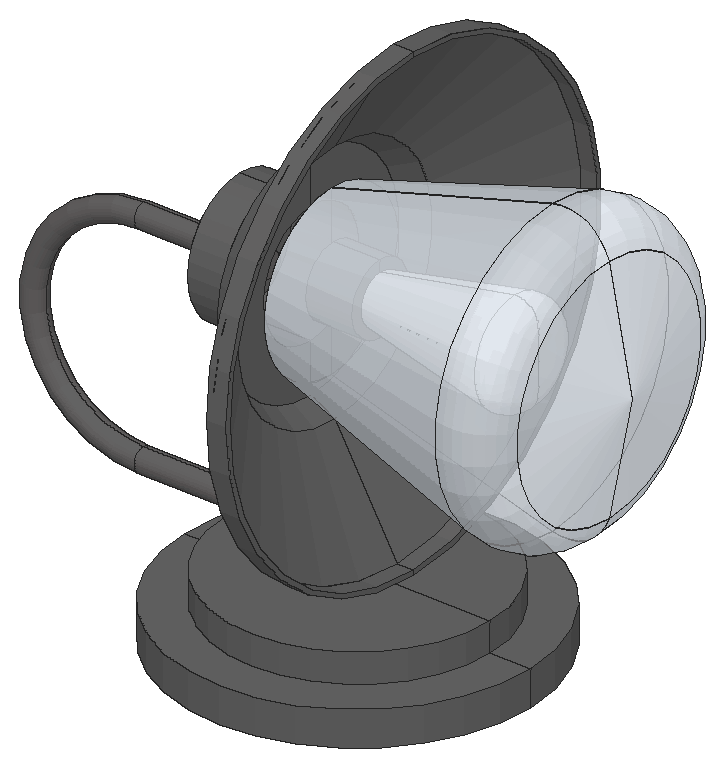
Revit family "P560263-031", category Lighting Fixtures, host Face, Revit 2021
Family settings
  Host = Face
  Round Connector Dimension = Use Diameter
  Part Type = Normal
  OmniClass Number = 23.80.70.11.14.11
  OmniClass Title = Downlights
  Cut with Voids When Loaded = No
  Light Source = Yes
  Shared = No
  Room Calculation Point = No
Parameters (values of type "P560263-031")
  Wattage Comments = "60W"
  Wattage = 100 W
  Warranty = "1 year warranty"  # constant formula
  built-in parameter 1150110 = 1 (stored number, unit not read)
  Voltage = 120 V
  built-in parameter 1114217 = 1 (stored number, unit not read)
  Tilt Angle = -90.00°  # constant formula
  built-in parameter 1150109 = 1 (stored number, unit not read)
  built-in parameter 1150134 = 3
  built-in parameter 1150113 = 1 (stored number, unit not read)
  Photometric Web File = "generic.ies"
  Housing Material = Paint - Hubbell - Textured Camera Black
  Gold = Hubbell - Gold
  Glass = Paint - Hubbell - White Texture
  Features = "Application: Ideal for any porch, patio, deck, garage, barn, entryway, foyer, or bedroom.\r\nStyle: Perfect for coastal, farmhouse, and urban industrial style settings.\r\nFinish: The wall light's round backplate, curved arm, and round shade decorated with mechanical stainless-steel fittings are coated in a matte black finish to accentuate the design's industrial aesthetic.\r\nMaterials: Constructed from steel to ensure a long product lifespan.\r\nGlass/Shade: A light source glows from within a clear seeded glass shade reminiscent of raindrops on a window after a summer thunderstorm for a touch of rustic character.\r\nBulbs: For ideal illumination, use 1 medium base bulb that is sold separately (60w max - LED/CFL/incandescent). Compatible with dimmable bulbs.\r\nDimensions: Measures 9-inch length by 11-inch height by 10-inch depth (extends from wall).\r\nCertifications: cCSAus wet location listed.\r\nPairs With: Pairs with a variety of Progress Lighting fixtures from other collections.\r\nWarranty: Our 1-Year Limited Warranty guarantees your complete satisfaction with your purchase and includes professional after-sales customer service support. Make your purchase today to breathe new life into your lighting design!"  # constant formula
  built-in parameter 1150105 = 159.15 (stored number, unit not read)
  Lumens = 2000 lm
  built-in parameter 1150115 = 1 (stored number, unit not read)
  built-in parameter 1150137 = (empty or 0)
  built-in parameter 1150139 = (empty or 0)
  built-in parameter 1150112 = 1 (stored number, unit not read)
  built-in parameter 1150114 = 1 (stored number, unit not read)
  built-in parameter 1150132 = 2
  built-in parameter 1150102 = (empty or 0)
  built-in parameter 1150107 = 3200 (stored number, unit not read)
  built-in parameter 1150138 = (empty or 0)
  built-in parameter 1150106 = 1.5915 (stored number, unit not read)
  built-in parameter 1150104 = 1.8581 (stored number, unit not read)
  Dimming Lamp Color Temperature Shift = <None>
  Copyright = "© 2021 Progress Lighting, a division of Hubbell Lighting, Inc"  # constant formula
  Contact us = "https://www.hubbell.com/progresslighting/en/contactUs"
  Color Filter = 16777215
  Certifications = "• cCSAus certified to UL 1598\r\n• Wall Mount: Suitable for wet locations\r\n• Surface & Pendant Mount: Suitable for wet\r\nlocations under covered ceiling\r\n• Cord Mount and all Wall Wash: Suitable for\r\ndamp locations"  # constant formula
  built-in parameter 1114218 = 1 (stored number, unit not read)
  Ballast = Paint - Hubbell - Carbon Black
  URL = "https://www.hubbell.com/progresslighting/en"
  Product Page URL = "https://www.hubbell.com/progresslighting/en/Products/Lighting-Controls/Residential-Outdoor-Lighting/Wall-Lanterns/P560263-031/p/6419040"
  Product Documentation Link = "https://hubbellcdn.com/specsheet/PROG_P560263-031_spec.pdf"
  Model = "P560263-031"  # constant formula
  Manufacturer = "Progress Lighting"  # constant formula
  Lamp = "LED/CFL/incandescent"
  Reflector = Glass - Hubbell - Glass
  Description = "Tremont Collection 1-Light Clear Seeded Glass Matte Black Industrial Outdoor Medium Wall Lantern Light"  # constant formula
  Default Elevation = 48.000"
  built-in parameter 1150133 = 10 (stored number, unit not read)
  Apparent Load = 25 VA  # constant formula
Reference planes (in)
  plane 1 "Center (Front/Back)": y = 0
  plane 2: z = 0
  plane 3 "Center (Left/Right)": x = 0
  plane 4: z = 1.375
  plane 5: x = -5.0205
  plane 6: x = -1
  plane 7: y = 1
  plane 8: x = 1
  plane 9: y = -1
  plane 10: z = 0.25
  plane 11: x = 2.875
  plane 12: x = -2.875
  plane 13: x = -3.75
  plane 14: x = 3.75
  plane 15: z = 8.375
Forms (in)
  Revolve 1, solid, material "Paint - Hubbell - Carbon Black" <- "Ballast"
    sketch origin (-2.5, 0, -5.91673) x (1, 0, 0) y (0, 0, 1)
      loop
        line (-2.43738, 5.91673) -> (0, 5.91673) -> (0, 8.09536) -> (-0.5, 8.09536) -> (-0.5, 7.29173) -> (-2.875, 7.29173) -> (-2.875, 6.66673) -> (-3.75, 6.66673) -> (-3.75, 5.91673) -> (-2.43738, 5.91673)
      axis (0, 8.09536) -> (0, 5.91673)
    angle from 0 to 360
  Revolve 2, solid, material "Paint - Hubbell - Carbon Black" <- "Ballast"
    sketch origin (-6.7705, 0, 6.7705) x (0, 0, -1) y (1, 0, 0)
      loop
        line (0, 1.4375) -> (1, 1.4375) -> (1, 1.70652) -> (1.40625, 1.70652) -> (1.40625, 3) -> (2.1875, 3) -> (2.1875, 3.13834) -> (2.40526, 3.13834) -> (2.72792, 3.6972) -> (5.08933, 5.06056) -> (5.08933, 5.4799) -> (4.98933, 5.4799) -> (4.98933, 5.1183) -> (2.65471, 3.77041) -> (2.35786, 3.25625) -> (1.30625, 3.25625) -> (1.30625, 1.7875) -> (1, 1.7875) -> (0.93776, 1.7875) -> (0.93776, 1.5375) -> (0, 1.5375) -> (0, 1.4375)
      axis (0, 1.4375) -> (0, 5.4799)
    angle from 0 to 360
  Revolve 3, solid, material "Glass - Hubbell - Glass" <- "Reflector"
    sketch origin (-7.1455, 0, 6.7705) x (0, 0, -1) y (1, 0, 0)
      loop
        line (0, 4.08222) -> (1.81964, 4.08222) -> (3.1807, 8.87261)
        arc (3.1807, 8.87261) -> (3.09461, 9.62853) -> (2.50156, 10.1051) r 1
        arc (2.50156, 10.1051) -> (1.26167, 10.41391) -> (0, 10.61607) r 14.99962
        line (0, 10.61607) -> (0, 4.08222)
      axis (0, 4.08222) -> (0, 10.61607)
    angle from 0 to 360
  Revolve 4, solid, material "Paint - Hubbell - Textured Camera Black" <- "Housing Material"
    sketch origin (12.54177, 0.00188, 6.79923) x (0, 0, 1) y (-1, 0, 0)
      loop
        line (0, 15.56227) -> (0, 14.56227) -> (0.75333, 14.56227) -> (0.75333, 15.56227) -> (0, 15.56227)
      axis (0, 14.56227) -> (0, 15.56227)
    angle from 0 to 360
  Revolve 5, solid, material "Paint - Hubbell - White Texture"
    sketch origin (12.54177, 0.00188, 6.79923) x (0, 0, 1) y (-1, 0, 0)
      loop
        line (0, 14.56227) -> (0, 11.12108)
        spline (0, 11.12108) -> (0.24873, 11.12009) -> (0.4349, 11.1189) -> (0.57224, 11.12023) -> (0.67446, 11.12676) -> (0.75527, 11.1412) -> (0.82586, 11.16581) -> (0.88934, 11.20149) -> (0.9472, 11.24885) -> (1.00091, 11.30855) -> (1.04864, 11.38504) -> (1.08305, 11.48914) -> (1.09627, 11.63228)
        line (1.09627, 11.63228) -> (0.52673, 14.56227) -> (0, 14.56227)
      axis (0, 11.12108) -> (0, 14.56227)
    angle from 0 to 360
  Revolve 6, solid, material "Paint - Hubbell - White Texture" <- "Glass"
    sketch origin (12.54177, 0.00188, 6.79923) x (0, 0, 1) y (-1, 0, 0)
      loop
        line (0, 14.56227) -> (-0.14062, 14.56227) -> (-0.14062, 14.31227) -> (-0.3174, 14.13549) -> (-0.3174, 13.88549) -> (-0.0674, 13.88549) -> (-0.0674, 11.63549) -> (-0.0674, 11.44909)
        arc (-0.0674, 11.44909) -> (-0.07712, 11.42233) -> (-0.10174, 11.40803) r 0.04171
        arc (-0.10174, 11.40803) -> (-0.13207, 11.37605) -> (-0.11058, 11.33756) r 0.0372
        line (-0.11058, 11.33756) -> (0, 11.33756) -> (0, 11.43913) -> (0, 14.56227)
      axis (0, 14.56227) -> (0, 11.33756)
    angle from 0 to 360
  Revolve 7, solid, material "Hubbell - Gold" <- "Gold"
    sketch origin (12.54177, 0.00188, 6.79923) x (0, 0, 1) y (-1, 0, 0)
      loop
        line (-0.47346, 13.71885) -> (-0.51834, 13.71885) -> (-0.66329, 11.64605) -> (-0.61841, 11.64605) -> (-0.47346, 13.71885)
      axis (-0.61862, 11.64293) -> (-0.47346, 13.71885)
    angle from 0 to 360
  Revolve 8, solid, material "Hubbell - Gold" <- "Gold"
    sketch origin (12.54177, 0.00188, 6.79923) x (0, 0, -1) y (1, 0, 0)
      loop
        line (-0.47346, -13.71885) -> (-0.62235, -11.58959) -> (-0.66723, -11.58959) -> (-0.51834, -13.71885) -> (-0.47346, -13.71885)
      axis (-0.62257, -11.58647) -> (-0.47346, -13.71885)
    angle from 0 to 360
  Revolve 9, solid, material "Hubbell - Gold" <- "Gold"
    sketch origin (12.54177, 0.00188, 6.79923) x (0, 1, 0) y (-1, 0, 0)
      loop
        line (-0.47346, 13.71885) -> (-0.51834, 13.71885) -> (-0.66522, 11.61839) -> (-0.62034, 11.61839) -> (-0.47346, 13.71885)
      axis (-0.62056, 11.61527) -> (-0.47346, 13.71885)
    angle from 0 to 360
  Revolve 10, solid, material "Hubbell - Gold" <- "Gold"
    sketch origin (12.54177, 0.00188, 6.79923) x (0, -1, 0) y (1, 0, 0)
      loop
        line (-0.47346, -13.71885) -> (-0.62117, -11.60654) -> (-0.66605, -11.60654) -> (-0.51834, -13.71885) -> (-0.47346, -13.71885)
      axis (-0.62139, -11.60341) -> (-0.47346, -13.71885)
    angle from 0 to 360
  Sweep 11, solid, material "Paint - Hubbell - White Texture" <- "Glass"
    path origin (12.04177, 0.00188, 6.8158) x (0, 0, 1) y (-1, 0, 0)
      loop
        line (0.61067, 11.11484) -> (0.61067, 11.01743)
        arc (0.61067, 11.01743) -> (0.57513, 10.93163) -> (0.48933, 10.89609) r 0.12134
        line (0.48933, 10.89609) -> (0.04812, 10.89609)
    profile origin (0.97564, 0.00188, 7.42647) x (0, 0, 1) y (0, -1, 0)
      loop
        circle (0, 0.00095) r 0.031
  Sweep 12, solid, material "Paint - Hubbell - White Texture" <- "Glass"
    path origin (12.04177, 0.00188, 6.78266) x (0, 0, -1) y (1, 0, 0)
      loop
        line (0.61067, -11.11484) -> (0.61067, -11.01743)
        arc (0.61067, -11.01743) -> (0.57513, -10.93163) -> (0.48933, -10.89609) r 0.12134
        line (0.48933, -10.89609) -> (0.04812, -10.89609)
    profile origin (0.97564, 0.00188, 6.17199) x (0, 0, 1) y (0, -1, 0)
      loop
        circle (0, 0.00095) r 0.031
  Sweep 13, solid, material "Paint - Hubbell - White Texture" <- "Glass"
    path origin (12.04177, -0.01564, 6.80018) x (-1, 0, 0) y (0, -1, 0)
      loop
        line (11.11484, 0.61067) -> (11.01743, 0.61067)
        arc (11.01743, 0.61067) -> (10.93163, 0.57513) -> (10.89609, 0.48933) r 0.12134
        line (10.89609, 0.48933) -> (10.89609, 0.04812)
    profile origin (0.97564, -0.62631, 6.80018) x (0, 1, 0) y (0, 0, 1)
      loop
        circle (0, -0.00095) r 0.031
  Sweep 14, solid, material "Paint - Hubbell - White Texture" <- "Glass"
    path origin (12.04177, 0.0175, 6.80018) x (1, 0, 0) y (0, 1, 0)
      loop
        line (-11.11484, 0.61067) -> (-11.01743, 0.61067)
        arc (-11.01743, 0.61067) -> (-10.93163, 0.57513) -> (-10.89609, 0.48933) r 0.12134
        line (-10.89609, 0.48933) -> (-10.89609, 0.04812)
    profile origin (0.97564, 0.62817, 6.80018) x (0, 1, 0) y (0, 0, 1)
      loop
        circle (0, -0.00095) r 0.031
  Sweep 15, solid, material "Paint - Hubbell - White Texture" <- "Glass"
    path origin (31.77602, 0.00188, 6.8158) x (0, 0, 1) y (-1, 0, 0)
      loop
        line (0.45442, 32.88516) -> (0.45442, 32.98257)
        arc (0.45442, 32.98257) -> (0.41888, 33.06837) -> (0.33308, 33.10391) r 0.12134
        line (0.33308, 33.10391) -> (0.04812, 33.10391)
    profile origin (-1.15784, 0.00188, 7.27022) x (0, 0, -1) y (0, -1, 0)
      loop
        circle (0, 0.00095) r 0.031
  Sweep 16, solid, material "Paint - Hubbell - White Texture" <- "Glass"
    path origin (31.77602, 0.00188, 6.78266) x (0, 0, -1) y (1, 0, 0)
      loop
        line (0.45442, -32.88516) -> (0.45442, -32.98257)
        arc (0.45442, -32.98257) -> (0.41888, -33.06837) -> (0.33308, -33.10391) r 0.12134
        line (0.33308, -33.10391) -> (0.04812, -33.10391)
    profile origin (-1.15784, 0.00188, 6.32824) x (0, 0, -1) y (0, -1, 0)
      loop
        circle (0, 0.00095) r 0.031
  Sweep 17, solid, material "Paint - Hubbell - White Texture" <- "Glass"
    path origin (31.77602, -0.01564, 6.80018) x (-1, 0, 0) y (0, -1, 0)
      loop
        line (32.88516, 0.45442) -> (32.98257, 0.45442)
        arc (32.98257, 0.45442) -> (33.06837, 0.41888) -> (33.10391, 0.33308) r 0.12134
        line (33.10391, 0.33308) -> (33.10391, 0.04812)
    profile origin (-1.15784, -0.47006, 6.80018) x (0, -1, 0) y (0, 0, 1)
      loop
        circle (0, -0.00095) r 0.031
  Sweep 18, solid, material "Paint - Hubbell - White Texture" <- "Glass"
    path origin (31.77602, 0.0175, 6.80018) x (1, 0, 0) y (0, 1, 0)
      loop
        line (-32.88516, 0.45442) -> (-32.98257, 0.45442)
        arc (-32.98257, 0.45442) -> (-33.06837, 0.41888) -> (-33.10391, 0.33308) r 0.12134
        line (-33.10391, 0.33308) -> (-33.10391, 0.04812)
    profile origin (-1.15784, 0.47192, 6.80018) x (0, -1, 0) y (0, 0, 1)
      loop
        circle (0, -0.00095) r 0.031
  Sweep 19, solid, material "Paint - Hubbell - Textured Camera Black" <- "Housing Material"
    path origin (0.375, 0, 0) x (1, 0, 0) y (0, 0, 1)
      loop
        line (-4.7705, 6.625) -> (-7.5205, 6.625)
        arc (-7.5205, 6.625) -> (-9.8955, 4.25) -> (-7.5205, 1.875) r 2.375
        line (-7.5205, 1.875) -> (-2.5205, 1.875)
    profile origin (-9.5205, 0, 4.25) x (0, -1, 0) y (1, 0, 0)
      loop
        circle (0, 0) r 0.25
Dimensions and locks (in)
  plane 4 to host face = 1.375"
  plane 6 to plane 3 "Center (Left/Right)" to plane 8 = 1.000" locked, 1.000" locked
  plane 7 to plane 1 "Center (Front/Back)" to plane 9 = 1.000" locked, 1.000" locked
  locked: plane 10 to level at 0.25
  locked: plane 15 to plane 4 at 7
  aligned and locked: plane 2 to host face
  aligned and locked: plane 3 "Center (Left/Right)" to imposter light
  aligned and locked: imposter light to plane 15
Connectors (in)
  electrical at (0, 0, 0), driven by "Description", driven by "Voltage", driven by "Apparent Load"
    settings: index 1, voltage 120 V, apparent load 25 VA, apparent load phase1 0 VA, apparent load phase2 0 VA, apparent load phase3 0 VA, power factor 1, load classification "Other", number of poles 1, system type 30, power factor state 1, is connector primary yes, connector utility no, sub classification motor no, connector description "Tremont Collection 1-Light Clear Seeded Glass Matte Black Industrial Outdoor Medium Wall Lantern Light"
